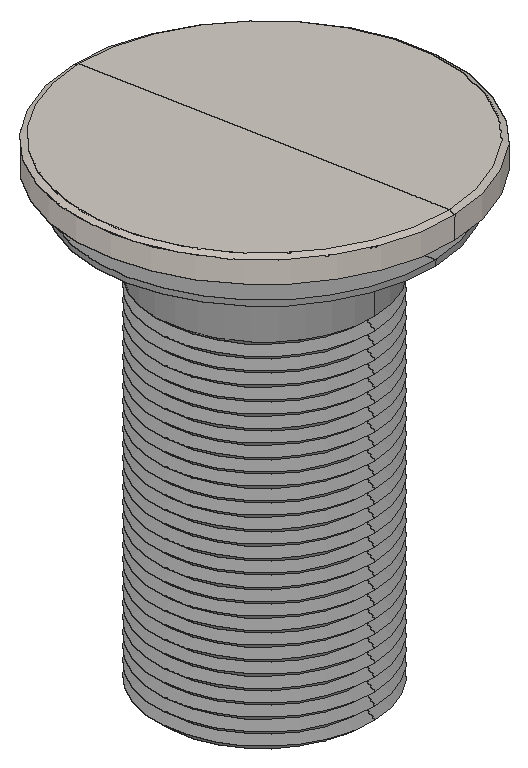
Revit family "BUILDMAT-POPPNK01-32mm-Terrazzo_Pop_Up_Waste-Nevali", category Generic Models, Revit 2026
Family settings
  Can host rebar = No
  Round Connector Dimension = Use Diameter
  Part Type = Normal
  Work Plane-Based = No
  Always vertical = Yes
  Cut with Voids When Loaded = No
  Maintain Annotation Orientation = No
  Shared = No
  Room Calculation Point = No
Parameters
  Width = 69 mm
  PopUp_Material = BUILDMAT Nevali Terrazzo
  MainBody_Material = BUILDMAT Stainless Steel
  Depth = 69 mm
  Default Elevation = 0 mm
Reference planes
  plane 1 "Center (Front/Back)": y = 0
  plane 2: z = 0
  plane 3 "Center (Left/Right)": x = 0
  plane 4: x = 34.5
  plane 5: x = -34.5
  plane 6: z = 10
  plane 7: z = 5
  plane 8: z = 5.5
  plane 9: z = 9.5
  plane 10: x = -33.5
  plane 11: y = 34.5
  plane 12: y = -34.5
  plane 13: y = 33.5
  plane 14: y = -33.5
  plane 15: x = 33.5
  plane 16: z = 1
  plane 17: z = -78.68
  plane 18: x = -19.958
  plane 19: x = 19.958
Forms (mm)
  Revolve 1, solid, material "BUILDMAT Stainless Steel" <- "MainBody_Material"
    sketch origin (0, 0, -0.397) x (1, 0, 0) y (0, 0, 1)
      loop
        line (0, 1.248) -> (0, -11.603) -> (-19.988, -11.603) -> (-19.988, -3.848)
        arc (-19.988, -3.848) -> (-20.47, -2.811) -> (-21.441, -2.207) r 2
        line (-21.441, -2.207) -> (-31, 0.397) -> (-31, 1.397) -> (0, 1.397)
      axis (0, 1.397) -> (0, -11.603)
    angle from 0 to 360
  Revolve 2, solid, material "BUILDMAT Stainless Steel" <- "MainBody_Material"
    sketch origin (0, 0, -4.369) x (1, 0, 0) y (0, 0, 1)
      loop
        line (0, -7.631) -> (-19.952, -7.631) -> (-18.463, -8.794) -> (-19.958, -9.962) -> (-18.463, -11.131) -> (-19.958, -12.299) -> (-18.463, -13.467) -> (-19.958, -14.635) -> (-18.463, -15.803) -> (-19.958, -16.971) -> (-18.463, -18.139) -> (-19.958, -19.308) -> (-18.463, -20.476) -> (-19.958, -21.644) -> (-18.463, -22.812) -> (-19.958, -23.98) -> (-18.463, -25.148) -> (-19.958, -26.316) -> (-18.463, -27.485) -> (-19.958, -28.653) -> (-18.463, -29.821) -> (-19.958, -30.989) -> (-18.463, -32.157) -> (-19.958, -33.325) -> (-18.463, -34.493) -> (-19.958, -35.662) -> (-18.463, -36.83) -> (-19.958, -37.998) -> (-18.463, -39.166) -> (-19.958, -40.334) -> (-18.463, -41.502) -> (-19.958, -42.67) -> (-18.463, -43.839) -> (-19.958, -45.007) -> (-18.463, -46.175) -> (-19.958, -47.343) -> (-18.463, -48.511) -> (-19.958, -49.679) -> (-18.463, -50.847) -> (-19.958, -52.016) -> (-18.463, -53.184) -> (-19.958, -54.352) -> (-18.463, -55.52) -> (-19.958, -56.688) -> (-18.463, -57.856) -> (-19.958, -59.024) -> (-18.463, -60.193) -> (-19.958, -61.361) -> (-18.463, -62.529) -> (-19.958, -63.697) -> (-18.463, -64.865) -> (-19.958, -66.033) -> (-18.463, -67.201) -> (-19.958, -68.369) -> (-18.463, -69.538) -> (-19.958, -70.706) -> (-18.463, -71.874) -> (-19.958, -73.042) -> (-18.334, -74.311) -> (0, -74.311) -> (0, -7.631)
      axis (0, -7.631) -> (0, -74.311)
    angle from 0 to 360
  Extrusion 3, solid, material "BUILDMAT Nevali Terrazzo" <- "PopUp_Material"
    sketch origin (0, 0, 1) x (0, 1, 0) y (-1, 0, 0)
      loop
        circle (0, 0) r 17.75
    from 0 to 4
  Revolve 4, solid, material "BUILDMAT Nevali Terrazzo" <- "PopUp_Material"
    sketch origin (0, 0, 0) x (1, 0, 0) y (0, 0, 1)
      loop
        line (0, 5) -> (0, 10) -> (-33.5, 10) -> (-34.5, 9.5) -> (-34.5, 5.5) -> (-33.5, 5) -> (0, 5)
      axis (0, 5) -> (0, 10)
    angle from 0 to 360
Text (mm)
  text "Refer to www.buildmat.com.au for the most current product literature. \nAllow a +/- 5mm tolerance for dimensions shown in the product literature. \nPlease note product details are subject to change due to ongoing product development." at (-1.255, -131.559, 0), in view "Ref. Level"
Dimensions and locks
  "Width": plane 5 to plane 4
  equal spacing: plane 5, plane 3 "Center (Left/Right)", plane 4
  "Depth": plane 12 to plane 11
  equal spacing: plane 11, plane 1 "Center (Front/Back)", plane 12
  plane 6 to plane 7 = 5 mm
  plane 16 to plane 17 = 79.68 mm
  Revolve 2 to Revolve 2 = 39.917 mm
  plane 5 to plane 4 = 69 mm
  aligned and locked: level to plane 2
Automatic sketch dimensions
  Revolve 1 sketch curve to level = 0 mm
  Revolve 1 sketch curve to plane 3 "Center (Left/Right)" = 0 mm  (x3)
  Revolve 1 sketch curve to level = 4.245 mm
  Revolve 1 sketch curve to plane 10 = 13.512 mm
  Revolve 1 sketch curve to level = 2.604 mm
  Revolve 1 sketch curve to Revolve 1 sketch curve = 1.453 mm
  Revolve 1 sketch curve to Revolve 1 sketch curve = 1.979 mm
  Revolve 1 sketch curve to plane 10 = 2.5 mm
  Revolve 1 sketch curve to level = 12 mm
  Revolve 1 sketch curve to Revolve 1 sketch curve = 1 mm
  Revolve 1 sketch curve to Revolve 1 sketch curve = 0 mm
  Revolve 1 sketch curve to Revolve 1 sketch curve = 0.149 mm
  Revolve 1 sketch curve to Revolve 1 sketch curve = 0.245 mm
  Revolve 2 sketch curve to plane 3 "Center (Left/Right)" = 0 mm  (x2)
  Revolve 2 sketch curve to plane 10 = 15.166 mm
  Revolve 2 sketch curve to plane 10 = 15.037 mm  (x2)
  Revolve 2 sketch curve to Revolve 2 sketch curve = 0.129 mm
  Revolve 2 sketch curve to Revolve 2 sketch curve = 0 mm  (x25)
  Revolve 2 sketch curve to Revolve 2 sketch curve = 1.489 mm
  Revolve 2 sketch curve to Revolve 2 sketch curve = 1.495 mm  (x28)
  Revolve 2 sketch curve to level = 78.68 mm
  Revolve 2 sketch curve to Revolve 2 sketch curve = 1.269 mm
  Revolve 2 sketch curve to Revolve 2 sketch curve = 1.168 mm  (x55)
  Revolve 2 sketch curve to level = 12 mm
  Revolve 2 sketch curve to Revolve 2 sketch curve = 0.1 mm
  Revolve 2 sketch curve to Revolve 2 sketch curve = 0.211 mm
  plane 5 to Revolve 4 sketch curve = 0 mm
  Revolve 4 sketch curve to plane 6 = 0 mm  (x2)
  plane 10 to Revolve 4 sketch curve = 0 mm  (x2)
  Revolve 4 sketch curve to plane 7 = 0 mm  (x2)
  Revolve 4 sketch curve to plane 3 "Center (Left/Right)" = 0 mm  (x2)
  Revolve 4 sketch curve to plane 8 = 0 mm
  Revolve 4 sketch curve to plane 9 = 0 mm
  radius of Extrusion 3 sketch curve to Revolve 1 = 13.25 mm
